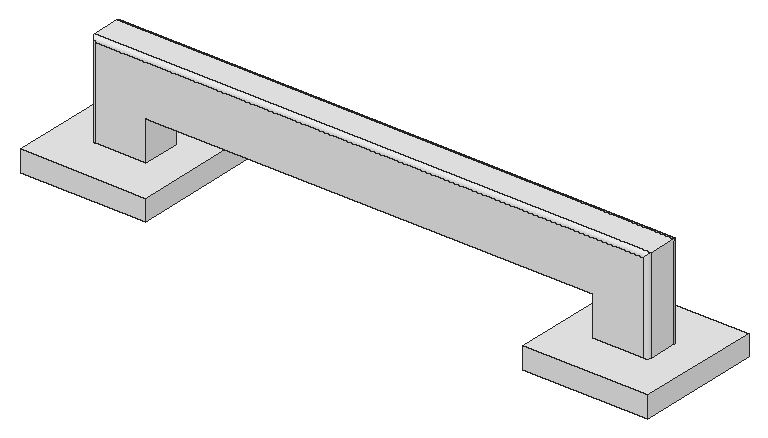
Revit family "Grab_Bar-Delta-Vero", category Furniture, host Face, Revit 2012
Parameters (values of type "Chrome")
  z Width = 3.000"
  z Visible [instance] = not(z Error)  # yes
  z Type = 1
  z Part Number [instance] = if(z Type = 1, if(z Bar Size = 12, "41912", if(z Bar Size = 18, "41918", if(z Bar Size = 24, "41924", if(z Bar Size = 36, "41936", z Error Text)))), if(z Type = 2, if(z Bar Size = 12, "41912-CZ", if(z Bar Size = 18, "41918-CZ", if(z Bar Size = 24, "41924-CZ", if(z Bar Size = 36, "41936-CZ", z Error Text)))), if(z Type = 3, if(z Bar Size = 12, "41912-RB", if(z Bar Size = 18, "41918-RB", if(z Bar Size = 24, "41924-RB", if(z Bar Size = 36, "41936-RB", z Error Text)))), if(z Type = 4, if(z Bar Size = 12, "41912-SS", if(z Bar Size = 18, "41918-SS", if(z Bar Size = 24, "41924-SS", if(z Bar Size = 36, "41936-SS", z Error Text)))), if(z Type = 5, if(z Bar Size = 12, "41912-PN", if(z Bar Size = 18, "41918-PN", if(z Bar Size = 24, "41924-PN", if(z Bar Size = 36, "41936-PN", z Error Text)))), z Error Text)))))  # "41912"
  z Outer Width [instance] = if(Grab Bar is 12 Inch, 15.000", if(Grab Bar is 18 Inch, 21.000", if(Grab Bar is 24 Inch, 27.000", if(Grab Bar is 36 Inch, 39.000", 10.000"))))  # 15.000"
  z Offset = 0.000"  # constant formula
  z Mounting Width [instance] = if(Grab Bar is 12 Inch, 12.000", if(Grab Bar is 18 Inch, 18.000", if(Grab Bar is 24 Inch, 24.000", if(Grab Bar is 36 Inch, 36.000", 10.000"))))  # 12.000"
  z Error Width [instance] = if(z Error, z Outer Width + 1.000", 0.250")  # 0.250"
  z Error Text [instance] = if(and(Grab Bar is 12 Inch, Grab Bar is 18 Inch, Grab Bar is 24 Inch, Grab Bar is 36 Inch), "Error: Select One Size", if(and(Grab Bar is 12 Inch, Grab Bar is 18 Inch, Grab Bar is 24 Inch), "Error: Select One Size", if(and(Grab Bar is 12 Inch, Grab Bar is 18 Inch), "Error: Select One Size", if(and(Grab Bar is 12 Inch, Grab Bar is 24 Inch), "Error: Select One Size", if(and(Grab Bar is 12 Inch, Grab Bar is 36 Inch), "Error: Select One Size", if(and(Grab Bar is 18 Inch, Grab Bar is 24 Inch, Grab Bar is 36 Inch), "Error: Select One Size", if(and(Grab Bar is 18 Inch, Grab Bar is 36 Inch), "Error: Select One Size", if(and(Grab Bar is 18 Inch, Grab Bar is 24 Inch), "Error: Select One Size", if(and(Grab Bar is 24 Inch, Grab Bar is 36 Inch), "Error: Select One Size", "Available")))))))))  # "Available"
  z Error Height [instance] = if(z Error, Height + 1.000", 0.250")  # 0.250"
  z Error Depth [instance] = if(z Error, Depth + 1.000", 0.250")  # 0.250"
  z Error [instance] = if(and(Grab Bar is 12 Inch, Grab Bar is 18 Inch, Grab Bar is 24 Inch, Grab Bar is 36 Inch), 1 = 1, if(and(Grab Bar is 12 Inch, Grab Bar is 18 Inch, Grab Bar is 24 Inch), 1 = 1, if(and(Grab Bar is 12 Inch, Grab Bar is 18 Inch), 1 = 1, if(and(Grab Bar is 12 Inch, Grab Bar is 24 Inch), 1 = 1, if(and(Grab Bar is 12 Inch, Grab Bar is 36 Inch), 1 = 1, if(and(Grab Bar is 18 Inch, Grab Bar is 24 Inch, Grab Bar is 36 Inch), 1 = 1, if(and(Grab Bar is 18 Inch, Grab Bar is 36 Inch), 1 = 1, if(and(Grab Bar is 18 Inch, Grab Bar is 24 Inch), 1 = 1, if(and(Grab Bar is 24 Inch, Grab Bar is 36 Inch), 1 = 1, 1 = 0)))))))))  # no
  z Bar Size [instance] = if(z Error, 0, if(Grab Bar is 36 Inch, 36, if(Grab Bar is 24 Inch, 24, if(Grab Bar is 18 Inch, 18, if(Grab Bar is 12 Inch, 12, 0)))))  # 12
  Width [instance] = z Outer Width  # 15.000"
  URL = "http://www.deltafaucet.com/index.html"
  Product Page URL = "http://www.deltafaucet.com/bath/details/41936.html"
  Product Material = Chrome - Delta - Polished
  Product Documentation Link = "http://www.deltafaucet.com/media/SpecSheet/DSP-A-41912%20Rev%20A.pdf"
  Part Number [instance] = if(z Error, z Error Text, z Part Number)  # "41912"
  Part Description [instance] = if(z Type = 1, if(z Bar Size = 12, "Vero Angular Modern Grab Bar, 12 Inch, Chrome", if(z Bar Size = 18, "Vero Angular Modern Grab Bar, 18 Inch, Chrome", if(z Bar Size = 24, "Vero Angular Modern Grab Bar, 24 Inch, Chrome", if(z Bar Size = 36, "Vero Angular Modern Grab Bar, 36 Inch, Chrome", z Error Text)))), if(z Type = 2, if(z Bar Size = 12, "Vero Angular Modern Grab Bar, 12 Inch, Champagne Bronze", if(z Bar Size = 18, "Vero Angular Modern Grab Bar, 18 Inch, Champagne Bronze", if(z Bar Size = 24, "Vero Angular Modern Grab Bar, 24 Inch, Champagne Bronze", if(z Bar Size = 36, "Vero Angular Modern Grab Bar, 36 Inch, Champagne Bronze", z Error Text)))), if(z Type = 3, if(z Bar Size = 12, "Vero Angular Modern Grab Bar, 12 Inch, Venetian Bronze", if(z Bar Size = 18, "Vero Angular Modern Grab Bar, 18 Inch, Venetian Bronze", if(z Bar Size = 24, "Vero Angular Modern Grab Bar, 24 Inch, Venetian Bronze", if(z Bar Size = 36, "Vero Angular Modern Grab Bar, 36 Inch, Venetian Bronze", z Error Text)))), if(z Type = 4, if(z Bar Size = 12, "Vero Angular Modern Grab Bar, 12 Inch, Stainless", if(z Bar Size = 18, "Vero Angular Modern Grab Bar, 18 Inch, Stainless", if(z Bar Size = 24, "Vero Angular Modern Grab Bar, 24 Inch, Stainless", if(z Bar Size = 36, "Vero Angular Modern Grab Bar, 36 Inch, Stainless", z Error Text)))), if(z Type = 5, if(z Bar Size = 12, "Vero Angular Modern Grab Bar, 12 Inch, Polished Nickel", if(z Bar Size = 18, "Vero Angular Modern Grab Bar, 18 Inch, Polished Nickel", if(z Bar Size = 24, "Vero Angular Modern Grab Bar, 24 Inch, Polished Nickel", if(z Bar Size = 36, "Vero Angular Modern Grab Bar, 36 Inch, Polished Nickel", z Error Text)))), z Error Text)))))  # "Vero Angular Modern Grab Bar, 12 Inch, Chrome"
  Model Disclaimer = "Contact Delta Faucet Company for More Information"  # constant formula
  Model = "See Part Number"  # constant formula
  Manufacturer = "Delta Faucet Company"  # constant formula
  Height = 3.000"  # constant formula
  Family Version = "1.0"  # constant formula
  Equipment Number [instance] = ""
  Equipment Abbreviation = "GB"
  Description = "See Part Description"  # constant formula
  Depth = 2.750"  # constant formula
  Default Elevation = 48.000"
  Date Modified = "July 17, 2015"  # constant formula
  Date Created = "July 17, 2015"  # constant formula
  Copyright = "Copyright ©2015 Delta Faucet Company"  # constant formula
  Grab Bar is 36 Inch [instance] = no
  Grab Bar is 24 Inch [instance] = no
  Grab Bar is 18 Inch [instance] = no
  Grab Bar is 12 Inch [instance] = not(or(Grab Bar is 36 Inch, Grab Bar is 24 Inch, Grab Bar is 18 Inch))  # yes
Types (6): name | z Type | z Part Number | Product Page URL | Product Material | Part Number | Part Description
  (no name) | 1 | "41912" | "http://www.deltafaucet.com/bath/details/41936.html" | Chrome - Delta - Polished | "41912" | "Vero Angular Modern Grab Bar, 12 Inch, Chrome"
  Chrome | 1 | "41912" | "http://www.deltafaucet.com/bath/details/41936.html" | Chrome - Delta - Polished | "41912" | "Vero Angular Modern Grab Bar, 12 Inch, Chrome"
  Champagne Bronze | 2 | "41912-CZ" | "http://www.deltafaucet.com/bath/details/41936-cz.html" | Bronze - Delta - Champagne | "41912-CZ" | "Vero Angular Modern Grab Bar, 12 Inch, Champagne Bronze"
  Venetian Bronze | 3 | "41912-RB" | "http://www.deltafaucet.com/bath/details/41936-rb.html" | Bronze - Delta - Venetian | "41912-RB" | "Vero Angular Modern Grab Bar, 12 Inch, Venetian Bronze"
  Polished Nickel | 5 | "41912-PN" | "http://www.deltafaucet.com/bath/details/41936-pn.html" | Nickel - Delta - Polished | "41912-PN" | "Vero Angular Modern Grab Bar, 12 Inch, Polished Nickel"
  Stainless | 4 | "41912-SS" | "http://www.deltafaucet.com/bath/details/41936-ss.html" | Stainless Steel - Delta - Polished | "41912-SS" | "Vero Angular Modern Grab Bar, 12 Inch, Stainless"
Reference planes (in)
  plane 1 "Center (Front/Back)": y = 0
  plane 2 "Center (Elevation)": z = 0
  plane 3 "Center (Left/Right)": x = 0
  plane 4 "Left": x = -7.5
  plane 5 "Right": x = 7.5
  plane 6 "Top": y = 1.5
  plane 7 "Bottom": y = -1.5
  plane 8: x = -6
  plane 9: x = 6
  plane 10: x = -4.5
  plane 11: x = 4.5
  plane 12: z = 0
  plane 13: z = 0.5
  plane 14 "Front": z = 2.75
  plane 15: z = 1.43841
  plane 16: y = 0.4375
  plane 17: y = -0.4375
  plane 18: z = 2.0942
  plane 19: y = -0.3375
  plane 20: z = 2.65
  plane 21: y = 0.3375
  plane 22: x = -0.125
  plane 23: x = 0.125
  plane 24: y = 0.125
  plane 25: y = -0.125
  plane 26: z = 1.9692
  plane 27: z = 2.2192
  plane 28: x = -6.65
  plane 29: x = -5.35
  plane 30: x = 5.35
  plane 31: x = 6.65
Forms (in)
  Extrusion 1, solid, material "Chrome - Delta - Polished" <- "Product Material", visible <- "z Visible"
    sketch origin (0, 0, 0) x (1, 0, 0) y (0, 1, 0)
      loop
        line (-7.5, 1.5) -> (-7.5, -1.5) -> (-4.5, -1.5) -> (-4.5, 1.5) -> (-7.5, 1.5)
      loop
        line (4.5, 1.5) -> (4.5, -1.5) -> (7.5, -1.5) -> (7.5, 1.5) -> (4.5, 1.5)
    from 0 to 0.5
  Sweep 2, solid, material "Chrome - Delta - Polished" <- "Product Material", visible <- "z Visible"
    path origin (0, 0, 0) x (1, 0, 0) y (0, 0, 1)
      loop
        line (-6, 0.5) -> (-6, 2.0942) -> (6, 2.0942) -> (6, 0.5)
    profile origin (0, 0, 2.0942) x (0, 0, 1) y (0, -1, 0)
      loop
        line (0.6558, 0.4375) -> (-0.6558, 0.4375) -> (-0.6558, -0.4375) -> (0.6558, -0.4375) -> (0.6558, 0.4375)
  Sweep 3, void, detail levels medium
    path origin (0, 0, 0) x (1, 0, 0) y (0, 0, 1)
      loop
        line (-6, 0.5) -> (-6, 2.0942) -> (6, 2.0942) -> (6, 0.5)
    profile origin (0, 0, 2.0942) x (0, 0, 1) y (0, -1, 0)
      loop
        arc (0.5558, 0.4375) -> (0.62651, 0.40821) -> (0.6558, 0.3375) r 0.1
        line (0.6558, 0.3375) -> (0.6558, 0.4375) -> (0.5558, 0.4375)
      loop
        arc (0.6558, -0.3375) -> (0.62651, -0.40821) -> (0.5558, -0.4375) r 0.1
        line (0.5558, -0.4375) -> (0.6558, -0.4375) -> (0.6558, -0.3375)
  Extrusion 4, solid, material "Error Box", visible <- "z Error"
    sketch origin (0, 0, 0) x (1, 0, 0) y (0, 1, 0)
      loop
        line (-0.125, 0.125) -> (-0.125, -0.125) -> (0.125, -0.125) -> (0.125, 0.125) -> (-0.125, 0.125)
    from 1.9692 to 2.2192
Cuts and joins
  Sweep 3 cuts Sweep 2
Lines and regions (in)
  Masking region 1, visible <- "z Visible"
    outline origin (0, 0, 0) x (1, 0, 0) y (0, 0, 1)
      loop
        line (-7.5, 0) -> (-4.5, 0) -> (-4.5, 0.5) -> (-5.35, 0.5) -> (-5.35, 1.43841) -> (5.35, 1.43841) -> (5.35, 0.5) -> (4.5, 0.5) -> (4.5, 0) -> (7.5, 0) -> (7.5, 0.5) -> (6.65, 0.5) -> (6.65, 2.75) -> (-6.65, 2.75) -> (-6.65, 0.5) -> (-7.5, 0.5) -> (-7.5, 0)
  symbolic lines, visible <- "z Visible", detail levels fine
    curve 1: line (-6.65, 1.5, 0.5) -> (-5.35, 1.5, 0.5)
    curve 2: line (5.35, 1.5, 0.5) -> (6.65, 1.5, 0.5)
Dimensions and locks (in)
  equal spacing: plane 4 "Left", plane 3 "Center (Left/Right)", plane 5 "Right"
  "z Outer Width": plane 4 "Left" to plane 5 "Right"
  equal spacing: plane 8, plane 3 "Center (Left/Right)", plane 9
  "z Mounting Width": plane 8 to plane 9
  "z Width": plane 6 "Top" to plane 7 "Bottom"
  plane 4 "Left" to plane 10 = 3.000"
  plane 11 to plane 5 "Right" = 3.000"
  "z Offset": plane 12 to plane 2 "Center (Elevation)"
  locked: plane 13 to plane 12 at 0.5
  plane 14 "Front" to plane 12 = 2.750"
  plane 14 "Front" to plane 15 = 1.31159"
  equal spacing: plane 17, plane 1 "Center (Front/Back)", plane 16
  locked: plane 16 to plane 17 at 0.875
  equal spacing: plane 14 "Front", plane 18, plane 15
  locked: plane 14 "Front" to plane 20 at 0.1
  locked: plane 16 to plane 21 at 0.1
  locked: plane 19 to plane 17 at 0.1
  equal spacing: plane 7 "Bottom", plane 1 "Center (Front/Back)", plane 6 "Top"
  equal spacing: plane 27, plane 18, plane 26
  "z Error Depth": plane 27 to plane 26
  equal spacing: plane 22, plane 3 "Center (Left/Right)", plane 23
  "z Error Width": plane 22 to plane 23
  equal spacing: plane 25, plane 1 "Center (Front/Back)", plane 24
  "z Error Height": plane 24 to plane 25
  Masking region 1 sketch curve to plane 8 to Masking region 1 sketch curve = 0.650" locked, 0.650" locked
  Masking region 1 sketch curve to plane 9 to Masking region 1 sketch curve = 0.650" locked, 0.650" locked
  aligned and locked: plane 2 "Center (Elevation)" to host face
  aligned and locked: level to host face
  aligned and locked: Extrusion 1 sketch curve to plane 6 "Top"  (x2)
  aligned and locked: Extrusion 1 sketch curve to plane 10
  aligned and locked: plane 7 "Bottom" to Extrusion 1 sketch curve  (x2)
  aligned and locked: plane 4 "Left" to Extrusion 1 sketch curve
  aligned and locked: Extrusion 1 sketch curve to plane 5 "Right"
  aligned and locked: plane 11 to Extrusion 1 sketch curve
  aligned and locked: Extrusion 1 to plane 12
  aligned and locked: plane 13 to Extrusion 1
  aligned and locked: Sweep 2 sketch curve to plane 16
  aligned and locked: Sweep 2 sketch curve to plane 14 "Front"
  aligned and locked: plane 17 to Sweep 2 sketch curve
  aligned and locked: plane 15 to Sweep 2 sketch curve
  aligned and locked: plane 8 to Sweep 3 sketch curve
  aligned and locked: Sweep 3 sketch curve to plane 9
  aligned and locked: Sweep 3 sketch curve to plane 18
  aligned and locked: Sweep 3 sketch curve to plane 16
  aligned and locked: Sweep 3 sketch curve to plane 14 "Front"  (x2)
  aligned and locked: plane 17 to Sweep 3 sketch curve
  aligned and locked: plane 19 to Sweep 3 sketch curve
  aligned and locked: plane 21 to Sweep 3 sketch curve
  aligned and locked: plane 20 to Sweep 3 sketch curve  (x2)
  aligned and locked: plane 8 to Sweep 2 sketch curve
  aligned and locked: Sweep 2 sketch curve to plane 9
  aligned and locked: Sweep 2 sketch curve to plane 18
  aligned and locked: Extrusion 4 sketch curve to plane 23
  aligned and locked: plane 22 to Extrusion 4 sketch curve
  aligned and locked: Extrusion 4 sketch curve to plane 24
  aligned and locked: plane 25 to Extrusion 4 sketch curve
  aligned and locked: plane 27 to Extrusion 4
  aligned and locked: Extrusion 4 to plane 26
  aligned and locked: Masking region 1 sketch curve to plane 14 "Front"
  aligned and locked: Masking region 1 sketch curve to plane 13  (x4)
  aligned and locked: plane 4 "Left" to Masking region 1 sketch curve
  aligned and locked: Masking region 1 sketch curve to plane 10
  aligned and locked: plane 15 to Masking region 1 sketch curve
  aligned and locked: Masking region 1 sketch curve to plane 5 "Right"
  aligned and locked: plane 11 to Masking region 1 sketch curve
  aligned and locked: plane 12 to Masking region 1 sketch curve  (x2)
  aligned and locked: plane 28 to curve 1
  aligned and locked: plane 29 to curve 1
  aligned and locked: plane 30 to curve 2
  aligned and locked: plane 31 to curve 2
  aligned and locked: curve 1 to plane 13
  aligned and locked: curve 2 to plane 13
Automatic sketch dimensions
  host sketch curve to host sketch curve = 0.52162"
  host sketch curve to host sketch curve = 0.47913"
  Sweep 2 sketch curve to plane 13 = 0.000"  (x2)
  Sweep 3 sketch curve to plane 13 = 0.000"  (x2)
